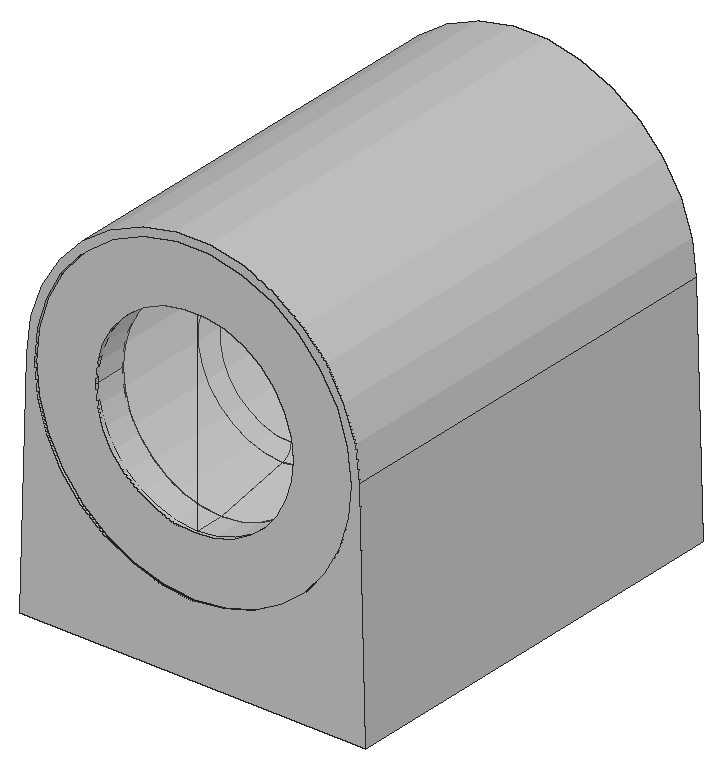
Revit family "Lighting_Outside_Nordlux_Canto-2_2", category Lighting Fixtures, host Face, Revit 2018
Family settings
  Host = Face
  Round Connector Dimension = Use Diameter
  Part Type = Normal
  OmniClass Number = 23.80.70.00
  Cut with Voids When Loaded = No
  Light Source = Yes
  Shared = No
  Room Calculation Point = No
Parameters (values of type "Canto 2 - stainless steel")
  Wattage = 3.36605 W
  WarrantyStartDate [instance] = "n/a"
  WarrantyGuarantorParts = "n/a"
  WarrantyGuarantorLabor = "n/a"
  WarrantyDurationUnit = "Hours"
  WarrantyDurationParts = "n/a"
  WarrantyDurationLabor = "n/a"
  WarrantyDescription = "n/a"
  built-in parameter 1150110 = 1 (stored number, unit not read)
  VersionDate = "01/07/2020"  # constant formula
  Version = "1"  # constant formula
  UsageCurrent = 0 A
  Uniclass2015Reference = "Pr_70_70_48_85"
  Uniclass2015Description = "Surface luminaires"
  Uniclass2 = "Pr_70_70_48_85"
  URL = "https://www.nordlux.com/products/product/49701034"
  Type Comments = ""
  TotalWattage = 6 W
  built-in parameter 1114217 = 1 (stored number, unit not read)
  Tilt Angle = 90.00°
  built-in parameter 1150109 = 1 (stored number, unit not read)
  built-in parameter 1150134 = (empty or 0)
  TagNumber [instance] = "n/a"
  SustainabilityPerformance = "n/a"
  built-in parameter 1150113 = 1 (stored number, unit not read)
  Socket = "LED Modul"
  Size = "85x105x100 mm"
  Shape = "Sculptured"
  SerialNumber [instance] = "n/a"
  Revision = "1"  # constant formula
  ReplacementCost = "n/a"
  RA = "80"
  ProductInformation = "Whether Canto 2.0 is placed indoors or outdoors, the lamp offers a unique lighting experience. The minimalist design makes the lamp both decorative and sculptural. The light flows both up and down, and with the three included pattern inserts, it is possible to change the light image according to desire and personal style."
  Product data url = "https://www.bimobject.com/nordlux/product/canto_2_wall"
  Photometric Web File = "4970 Canto 2.ies"
  PhaseReference = "n/a"
  PhaseAngle = 0.00°
  NumberOfSources = 0
  NumberOfPoles = 1
  NominalWidth = 87.1 mm
  NominalVoltageCalc = 0 V
  NominalVoltage = 230 V
  NominalLength = 106 mm
  NominalHeight = 100 mm
  NominalFrequencyRange = 50 Hz
  NominalCurrent = 0 A
  Name = "Nordlux_Canto-2_2"
  NBSReference = "90-60-50/405"
  NBSDescription = "General purpose luminaires"
  ModelReference = ArticleNumber  # "49701034"
  ModelNumber = "n/a"
  Model = "Canto 2 - stainless steel"
  Material = "Steel"
  ManufacturersSpecificInformation = "n/a"
  ManufacturerURL = "https://www.nordlux.com/"
  ManufacturerName = "Nordlux"
  Manufacturer = "Nordlux"
  MaintenanceFactor = 0
  built-in parameter 1150105 = 39.789 (stored number, unit not read)
  Lumens = 500 lm
  built-in parameter 1150115 = 1 (stored number, unit not read)
  LightSource = "Included"
  LightFixturePlacingType = "Wall"
  LightFixtureMountingType = "Surface"
  LightFixtureMainMaterial = Stainless steel
  built-in parameter 1150137 = (empty or 0)
  built-in parameter 1150139 = (empty or 0)
  LensMaterial = Glass
  built-in parameter 1150112 = 1 (stored number, unit not read)
  built-in parameter 1150114 = 1 (stored number, unit not read)
  InsulationStandardClass = "Class 1 (Earth contact)"
  InstallationDate [instance] = "n/a"
  built-in parameter 1150132 = 2
  built-in parameter 1150102 = (empty or 0)
  built-in parameter 1150107 = 2700 (stored number, unit not read)
  built-in parameter 1150138 = (empty or 0)
  built-in parameter 1150106 = 0.39789 (stored number, unit not read)
  IfcExportType = "NOTDEFINED"  # constant formula
  IfcExportAs = "IfcLightFixtureType"  # constant formula
  IP_Code = "IP44"
  HasProtectiveEarth = no
  Grade = "n/a"
  Finish = "n/a"
  Features = "Parallel connection possible"
  ExpectedLife = "25000"
  EnergyClass = "A+"
  Emit from Circle Diameter = 50 mm
  Emit Shape Visible in Rendering = no
  ElectricalDeviceNominalPower = 0
  built-in parameter 1150104 = 13.8 (stored number, unit not read)
  EANNumber = "5701581482784"
  DurationUnit = "Hours"
  Dimming Lamp Color Temperature Shift = <None>
  Designer = "Bonnelycke MDD"
  Description = "Whether Canto 2.0 is placed indoors or outdoors, the lamp offers a unique lighting experience. The minimalist design makes the lamp both decorative and sculptural. The light flows both up and down, and with the three included pattern inserts, it is possible to change the light image according to desire and personal style."
  Default Elevation = 0 mm
  ConvergoRefNr = "0143-1909-0045-DK"
  Constituents = "n/a"
  Color Filter = 16777215
  Color = "Grey"
  CodePerformance = "n/a"
  Category = "Outdoor lighting"
  Brand = "Nordlux"
  Barcode [instance] = "n/a"
  built-in parameter 1114218 = 1 (stored number, unit not read)
  BIMObjectName = "Lighting_Outside_Nordlux_Canto-2_2"
  Author = "Convergo AB"  # constant formula
  built-in parameter 1150133 = 10 (stored number, unit not read)
  AssetType = "Fixed"
  AssetIdentifier [instance] = "n/a"
  ArticleNumber = "49701034"
  AccessibilityPerformance = "n/a"
Types (7, lengths in mm): name | URL | Photometric Web File | ModelReference | Model | Material | LightFixtureMainMaterial | Finish | EANNumber | Color | ArticleNumber
  (no name) | "https://www.nordlux.com/products/product/49701034" | "4970 Canto 2.ies" | "49701034" | "Canto 2 - stainless steel" | "Steel" | Stainless steel | "n/a" | "5701581482784" | "Grey" | "49701034"
  Canto 2 - black | "https://www.nordlux.com/products/product/49701003" | "7757 Canto Væg Hvid No mask.ies" | "49701003" | "Canto 2 - black" | "Aluminium" | Black | "n/a" | "5701581482487" | "Black" | "49701003"
  Canto 2 - white | "https://www.nordlux.com/products/product/49701001" | "7757 Canto Væg Hvid No mask.ies" | "49701001" | "Canto 2 - white" | "Aluminium" | White | "n/a" | "5701581482388" | "White" | "49701001"
  Canto 2 - brass | "https://www.nordlux.com/products/product/49701035" | "7757 Canto Væg Hvid No mask.ies" | "49701035" | "Canto 2 - brass" | "Brass" | Brass | "n/a" | "5701581482883" | "Brass" | "49701035"
  Canto 2 - stainless steel | "https://www.nordlux.com/products/product/49701034" | "4970 Canto 2.ies" | "49701034" | "Canto 2 - stainless steel" | "Steel" | Stainless steel | "n/a" | "5701581482784" | "Grey" | "49701034"
  Canto 2 - galvanized steel | "https://www.nordlux.com/products/product/49701031" | "7757 Canto Væg Hvid No mask.ies" | "49701031" | "Canto 2 - galvaznied steel" | "Steel" | Steel, Galvanized | "Galvanized steel" | "5701581482685" | "Grey" | "49701031"
  Canto 2 - grey | "https://www.nordlux.com/products/product/49701010" | "7757 Canto Væg Hvid No mask.ies" | "49701010" | "Canto 2 - grey" | "Aluminium" | Grey | "n/a" | "5701581482586" | "Grey" | "49701010"
Reference planes
  plane 1 "Center (Front/Back)": y = 0
  plane 2: z = 0
  plane 3 "Center (Left/Right)": x = 0
  plane 4: y = 53
  plane 5: y = -53
  plane 6: z = 100
  plane 7: x = 43.55
  plane 8: x = -43.55
Dimensions and locks
  equal spacing: plane 8, plane 3 "Center (Left/Right)", plane 7
  equal spacing: plane 4, plane 1 "Center (Front/Back)", plane 5
  "NominalLength": plane 4 to plane 5
  "NominalWidth": plane 8 to plane 7
  "NominalHeight": plane 6 to level
  aligned and locked: plane 2 to host face
  aligned and locked: level to host face
Automatic sketch dimensions
  host sketch curve to host sketch curve = 2438.4 mm  (x2)
Nested families
  nested 1: "Canto 2" at (0, 0, 0), Main <- "LightFixtureMainMaterial", type "Canto 2"
    with Main Stainless steel
Connectors
  electrical at (0, 0, 0.001), driven by "NominalVoltage"
    settings: on nested 1, index 1, voltage 230 V, apparent load 0 VA, apparent load phase1 0 VA, apparent load phase2 0 VA, apparent load phase3 0 VA, power factor 1, load classification "Other", number of poles 1, system type 31, power factor state 1, is connector primary yes, connector utility no, sub classification motor no, connector description ""
Definition of nested family "Canto 2"
  Parameters (values of type "Canto 2")
    Main [instance] = none
    Default Elevation = 1219.2 mm
  Reference planes
    plane 1 "Center (Front/Back)": y = 0
    plane 2: z = 0
    plane 3 "Center (Left/Right)": x = 0
    plane 4: x = -43.519
    plane 5: x = 43.519
    plane 6: z = 100
    plane 7: y = -53
    plane 8: y = 53
  Forms (mm)
    Extrusion 1, solid
      sketch origin (0, 0, 0) x (1, 0, 0) y (0, 1, 0)
        loop
          line (-1219.2, 1219.2) -> (-1219.2, -1219.2) -> (1219.2, -1219.2) -> (1219.2, 1219.2) -> (-1219.2, 1219.2)
      from 0 to -304.8
    Extrusion 2, solid, material <- "Main", detail levels medium+fine
      sketch origin (0, 0, 0) x (1, 0, 0) y (0, 0, 1)
        loop
          line (-42.011, 59.075) -> (-43.558, 0.001) -> (43.558, 0.001) -> (42.011, 59.075)
          arc (42.011, 59.075) -> (0, 100) -> (-42.011, 59.075) r 42.026
        loop
          circle (0, 58.024) r 39.948
      from -53 to 53
    Extrusion 3, solid, material <- "Main", detail levels medium+fine
      sketch origin (0, 0, 0) x (1, 0, 0) y (0, 0, 1)
        loop
          circle (0, 58.024) r 39.948
        loop
          circle (0, 58.024) r 25
      from 43.999 to 52.5
    Extrusion 4, solid, material <- "Main", detail levels medium+fine
      sketch origin (0, 0, 0) x (1, 0, 0) y (0, 0, -1)
        loop
          circle (0, -58.024) r 39.948
        loop
          circle (0, -58.024) r 25
      from 43.999 to 52.5
    Revolve 5, solid, detail levels medium+fine
      sketch origin (0, 0, 0) x (0, 1, 0) y (0, 0, 1)
        loop
          arc (-22, 76.039) -> (-22.751, 78.129) -> (-24.659, 79.265) r 3.286
          line (-24.659, 79.265) -> (-43.999, 83.024) -> (-51.522, 83.024) -> (-51.522, 58.024) -> (-22, 58.024) -> (-22, 76.039)
        axis (-51.522, 58.024) -> (-22, 58.024)
      angle from 0 to 360
    Revolve 6, solid, detail levels medium+fine
      sketch origin (0, 0, 0) x (0, -1, 0) y (0, 0, 1)
        loop
          arc (-22, 76.039) -> (-22.751, 78.129) -> (-24.659, 79.265) r 3.286
          line (-24.659, 79.265) -> (-43.999, 83.024) -> (-51.522, 83.024) -> (-51.522, 58.024) -> (-22, 58.024) -> (-22, 76.039)
        axis (-51.522, 58.024) -> (-22, 58.024)
      angle from 0 to 360
    Extrusion 7, solid, material <- "Main", detail levels coarse
      sketch origin (0, 0, 0) x (1, 0, 0) y (0, 1, 0)
        loop
          line (-43.558, 53) -> (-43.558, -53) -> (43.558, -53) -> (43.558, 53) -> (-43.558, 53)
      from 0 to 100
  Lines and regions (mm)
    symbolic lines, detail levels medium+fine
      curve 1: line (-43.519, 53, 0) -> (43.519, 53, 0)
      curve 2: line (-43.519, -53, 0) -> (-43.519, 53, 0)
      curve 3: line (43.519, -53, 0) -> (-43.519, -53, 0)
      curve 4: line (43.519, 53, 0) -> (43.519, -53, 0)
      curve 5: line (0, 53, 100) -> (0, -53, 100)
      curve 6: line (0, 53, 0) -> (0, 53, 100)
      curve 7: line (0, -53, 0) -> (0, 53, 0)
      curve 8: line (0, -53, 100) -> (0, -53, 0)
      curve 9: line (-42.011, 0, 59.075) -> (-43.558, 0, 0.001)
      curve 10: line (43.558, 0, 0.001) -> (42.011, 0, 59.075)
      curve 11: arc (42.011, 0, 59.075) -> (0, 0, 100) -> (-42.011, 0, 59.075) r 42.026
    symbolic lines, detail levels fine
      curve 12: circle (0, 0, 58.024) r 25 normal (0, -1, 0)
      curve 13: circle (0, 0, 58.024) r 39.948 normal (0, -1, 0)
  Dimensions and locks
    aligned and locked: plane 2 to Extrusion 1
    aligned and locked: level to Extrusion 1
